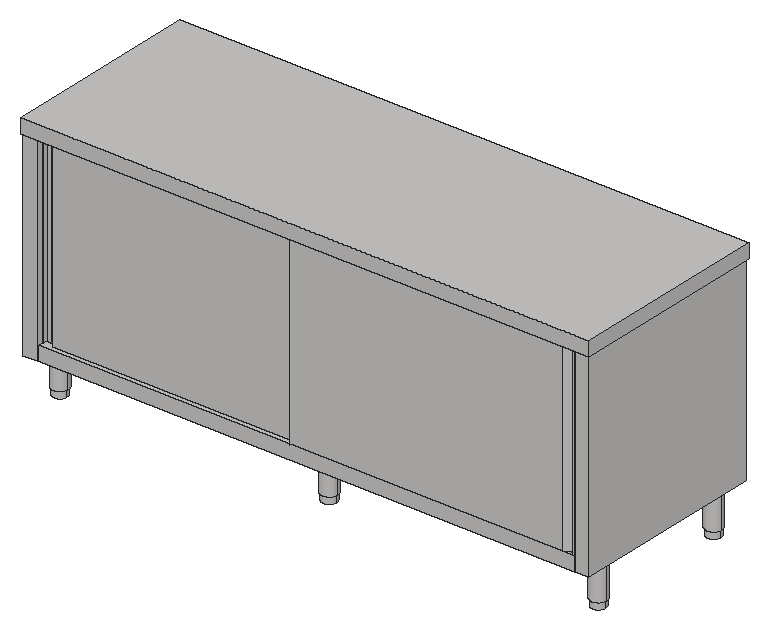
Revit family "QF_ELECTROLUXPROFESSIONAL_132861_MS2007N", category Attrezzature speciali, Revit 2020
Family settings
  Quota connettore circolare = Usa diametro
  Tipo di parte = Normale
  Basato su piano di lavoro = No
  Sempre verticale = Sì
  Taglio con vuoti quando caricato = No
  Condiviso = No
  Punto di calcolo locali = No
Parameters (values of type "Standard")
  Weight = 75.00 kg
  Watts = 0 W
  Volts = 0 V
  URL Manufacturer = "https://www.electroluxprofessional.com/"
  URL = "https://www.electroluxprofessional.com/"
  Steam Supply Size = 0 mm
  Steam Supply Minimum Pressure = 0.0 Pa
  Steam Supply Maximum Pressure = 0.0 Pa
  Steam Consumption per Hour = 0
  Refrigeration Suction Line Size = 0.0 mm
  Refrigeration Liquid Line Size = 0.0 mm
  Refrigerant Compressor Remote = yes
  Prospetto di default = 0.0 mm
  Produttore = "Electrolux Professional"
  Phase = 0
  Modello = "MS2007N"
  Length Actual = 2000.0 mm  # constant formula
  Item Number = "132861"
  Hot Water Size = 0 mm
  Height Actual = 900.0 mm  # constant formula
  HP = "0 HP"
  Gas Size = 0 mm
  Gas KW = 0
  Gas Input Pressure = 0 W
  Direct Waste Size = 0 mm
  Descrizione = "WORKTOP CUPBOARD 2000MM"
  Depth Actual = 700.0 mm  # constant formula
  Cycle = 0 Hz
  Condensate Return Size = 0 mm
  Compressed Air Volume = 0.0 L/s
  Compressed Air Size = 0 mm
  Compressed Air Pressure = 0.0 Pa
  Cold Water Size = 0 mm
  Accessory = yes
Reference planes
  plane 1 "Center (Front/Back)": y = 0
  plane 2: z = 0
  plane 3 "Center (Left/Right)": x = -500
  plane 4 "LEFT": x = -1500
  plane 5 "RIGHT": x = 500
  plane 6 "BACK": y = 350
  plane 7 "FRONT": y = -350
  plane 8 "Base": z = 850
  plane 9 "TOP": z = 900
  plane 10: x = -1446.9
  plane 11: x = 446.9
  plane 12: y = 264.5
  plane 13: y = -241.9
  plane 14 "BodyLeft": x = -1494.5
  plane 15 "BodyFront": y = -344.5
  plane 16 "BodyRight": x = 494.5
  plane 17 "BodyBack": y = 344.5
  plane 18 "FEET": z = 150
  plane 19: x = -445
  plane 20: x = -555
Forms (mm)
  Extrusion 1, solid, material "QF_Finishes_Stainless Steel"
    sketch origin (-500, 0, 0) x (0, 1, 0) y (0, 0, 1)
      loop
        line (-350, 850) -> (350, 850) -> (350, 900) -> (-350, 900) -> (-350, 850)
    from 1000 to -1000
  Extrusion 2, solid, material "QF_Finishes_Stainless Steel"
    sketch origin (0, 0, 150) x (-1, 0, 0) y (0, -1, 0)
      loop
        line (1494.5, -344.5) -> (1494.5, 344.5) -> (1444.5, 344.5) -> (1444.5, -344.5) -> (1494.5, -344.5)
      loop
        line (-444.5, -344.5) -> (-444.5, 344.5) -> (-494.5, 344.5) -> (-494.5, -344.5) -> (-444.5, -344.5)
    from 0 to 700
  Extrusion 3, solid, material "QF_Finishes_Stainless Steel"
    sketch origin (0, 0, 150) x (-1, 0, 0) y (0, -1, 0)
      loop
        line (1443.585, -344.5) -> (1443.585, 344.5) -> (-444.5, 344.5) -> (-444.5, -344.5) -> (1443.585, -344.5)
    from 0 to 50
  Extrusion 4, solid, material "QF_Finishes_Stainless Steel"
    sketch origin (0, 0, 150) x (-1, 0, 0) y (0, -1, 0)
      loop
        line (1443.585, -344.5) -> (1443.585, -294.5) -> (-444.5, -294.5) -> (-444.5, -344.5) -> (1443.585, -344.5)
    from 50 to 700
  Extrusion 5, solid, material "QF_Finishes_Stainless Steel"
    sketch origin (0, 0, 150) x (-1, 0, 0) y (0, -1, 0)
      loop
        line (-444.5, 344.5) -> (-444.5, 324.5) -> (555, 324.5) -> (555, 344.5) -> (-404.5, 344.5) -> (-424.5, 329.5) -> (-439.5, 329.5) -> (-439.5, 344.5) -> (-444.5, 344.5)
    from 50 to 700
  Extrusion 6, solid, material "QF_Finishes_Stainless Steel"
    sketch origin (0, 20, 150) x (1, 0, 0) y (0, 1, 0)
      loop
        line (-1444.5, -344.5) -> (-1439.5, -344.5) -> (-1439.5, -329.5) -> (-1424.5, -329.5) -> (-1404.5, -344.5) -> (-445, -344.5) -> (-445, -324.5) -> (-1444.5, -324.5) -> (-1444.5, -344.5)
    from 50 to 700
Lines and regions (mm)
  symbolic lines
    curve 1: line (500, 350, 900) -> (-1500, 350, 900)
    curve 2: line (-1500, 350, 900) -> (-1500, -350, 900)
    curve 3: line (-1500, -350, 900) -> (500, -350, 900)
    curve 4: line (500, -350, 900) -> (500, 350, 900)
  symbolic lines, style "SpecialityEquipmentHiddenLines"
    curve 5: line (-1494.5, 344.5, 150) -> (494.5, 344.5, 150)
    curve 6: line (-1494.5, -344.5, 150) -> (-1494.5, 344.5, 150)
    curve 7: line (494.5, -344.5, 150) -> (-1494.5, -344.5, 150)
    curve 8: line (494.5, 344.5, 150) -> (494.5, -344.5, 150)
    curve 9: line (-1444.5, -304.5, 150) -> (-445, -304.5, 150)
    curve 10: line (-445, -304.5, 150) -> (-445, -324.5, 150)
    curve 11: line (-1444.5, -324.5, 150) -> (444.5, -324.5, 150)
    curve 12: line (444.5, -324.5, 150) -> (444.5, -344.5, 150)
    curve 13: line (-555, -324.5, 150) -> (-555, -344.5, 150)
    curve 14: line (-1444.5, -304.5, 150) -> (-1444.5, -324.5, 150)
Dimensions and locks
  plane 4 "LEFT" to plane 5 "RIGHT" = 2000.0 mm
  equal spacing: plane 4 "LEFT", plane 3 "Center (Left/Right)", plane 5 "RIGHT"
  locked: plane 8 "Base" to level at 850
  plane 9 "TOP" to level = 900.0 mm
  plane 6 "BACK" to plane 7 "FRONT" = 700.0 mm
  equal spacing: plane 6 "BACK", plane 1 "Center (Front/Back)", plane 7 "FRONT"
  locked: plane 4 "LEFT" to plane 14 "BodyLeft" at 5.5
  locked: plane 16 "BodyRight" to plane 5 "RIGHT" at 5.5
  locked: plane 15 "BodyFront" to plane 7 "FRONT" at 5.5
  locked: plane 6 "BACK" to plane 17 "BodyBack" at 5.5
  locked: plane 14 "BodyLeft" to plane 10 at 47.6
  locked: plane 11 to plane 16 "BodyRight" at 47.6
  locked: plane 13 to plane 15 "BodyFront" at 102.6
  locked: plane 17 "BodyBack" to plane 12 at 80
  plane 10 to plane 11 = 1893.8 mm
  plane 12 to plane 13 = 506.4 mm
  locked: plane 14 "BodyLeft" to Extrusion 2 sketch curve at 50
  locked: Extrusion 2 sketch curve to Extrusion 2 sketch curve at 50
  Extrusion 3 to Extrusion 4 sketch curve = 50.0 mm
  locked: plane 3 "Center (Left/Right)" to plane 19 at 55
  locked: plane 20 to plane 3 "Center (Left/Right)" at 55
  locked: plane 18 "FEET" to level at 150
  aligned and locked: level to plane 2
  aligned and locked: plane 10 to nested 1
  aligned and locked: nested 1 to plane 13
  aligned and locked: plane 11 to nested 2
  aligned and locked: nested 2 to plane 13
  aligned and locked: plane 11 to nested 4
  aligned and locked: nested 4 to plane 12
  aligned and locked: plane 10 to nested 3
  aligned and locked: nested 3 to plane 12
  aligned and locked: Extrusion 1 to plane 4 "LEFT"
  aligned and locked: plane 5 "RIGHT" to Extrusion 1
  aligned and locked: curve 2 to plane 4 "LEFT"
  aligned and locked: plane 17 "BodyBack" to Extrusion 2 sketch curve
  aligned and locked: Extrusion 2 sketch curve to plane 15 "BodyFront"
  aligned and locked: Extrusion 2 sketch curve to plane 14 "BodyLeft"
  aligned and locked: plane 16 "BodyRight" to Extrusion 2 sketch curve
  aligned and locked: Extrusion 2 sketch curve to plane 17 "BodyBack"
  aligned and locked: plane 15 "BodyFront" to Extrusion 2 sketch curve
  aligned and locked: Extrusion 3 sketch curve to plane 17 "BodyBack"
  aligned and locked: plane 15 "BodyFront" to Extrusion 3 sketch curve
  aligned and locked: plane 8 "Base" to Extrusion 2
  aligned and locked: Extrusion 4 sketch curve to Extrusion 3
  aligned and locked: plane 8 "Base" to Extrusion 5
  aligned and locked: Extrusion 5 to Extrusion 3
  aligned and locked: Extrusion 6 sketch curve to plane 19
  aligned and locked: Extrusion 5 sketch curve to plane 20
  aligned and locked: Extrusion 1 to plane 8 "Base"
  aligned and locked: plane 9 "TOP" to Extrusion 1
  aligned and locked: curve 5 to plane 17 "BodyBack"
  aligned and locked: plane 14 "BodyLeft" to curve 6
  aligned and locked: plane 15 "BodyFront" to curve 7
  aligned and locked: plane 16 "BodyRight" to curve 8
  aligned and locked: plane 3 "Center (Left/Right)" to nested 5
  aligned and locked: plane 3 "Center (Left/Right)" to nested 6
Automatic sketch dimensions
  curve 3 to plane 7 "FRONT" = 0.0 mm
  curve 4 to plane 6 "BACK" = 0.0 mm
  Extrusion 1 sketch curve to plane 7 "FRONT" = 0.0 mm
  plane 9 "TOP" to Extrusion 1 sketch curve = 0.0 mm
  Extrusion 1 sketch curve to plane 6 "BACK" = 0.0 mm
  Extrusion 1 sketch curve to plane 8 "Base" = 0.0 mm
  Extrusion 5 sketch curve to plane 15 "BodyFront" = 0.0 mm  (x2)
  Extrusion 5 sketch curve to plane 11 = 2.4 mm
  Extrusion 5 sketch curve to Extrusion 5 sketch curve = 5.0 mm
  Extrusion 5 sketch curve to Extrusion 5 sketch curve = 15.0 mm
  Extrusion 5 sketch curve to Extrusion 5 sketch curve = 20.0 mm
  plane 15 "BodyFront" to Extrusion 5 sketch curve = 15.0 mm
  plane 15 "BodyFront" to Extrusion 5 sketch curve = 20.0 mm
  Extrusion 6 sketch curve to plane 15 "BodyFront" = 20.0 mm  (x2)
  Extrusion 6 sketch curve to plane 10 = 2.4 mm
  Extrusion 6 sketch curve to Extrusion 6 sketch curve = 5.0 mm
  Extrusion 6 sketch curve to Extrusion 6 sketch curve = 15.0 mm
  Extrusion 6 sketch curve to Extrusion 6 sketch curve = 20.0 mm  (x2)
  Extrusion 6 sketch curve to plane 15 "BodyFront" = 35.0 mm
  Extrusion 3 sketch curve to plane 11 = 2.4 mm
  plane 10 to Extrusion 3 sketch curve = 3.315 mm
  Extrusion 4 sketch curve to plane 11 = 2.4 mm
  plane 10 to Extrusion 4 sketch curve = 3.315 mm
  curve 10 to plane 19 = 0.0 mm
  curve 13 to plane 20 = 0.0 mm
  curve 11 to plane 11 = 2.4 mm
  plane 15 "BodyFront" to curve 9 = 40.0 mm
  curve 12 to curve 12 = 20.0 mm
  plane 10 to curve 14 = 2.4 mm
  curve 4 to plane 5 "RIGHT" = 0.0 mm
Nested families
  nested 1: "FEET_D58-150" at (-1446.9, -241.9, 0), type "FEET_D58-150"
  nested 2: "FEET_D58-150" at (446.9, -241.9, 0), type "FEET_D58-150"
  nested 3: "FEET_D58-150" at (-1446.9, 264.5, 0), type "FEET_D58-150"
  nested 4: "FEET_D58-150" at (446.9, 264.5, 0), type "FEET_D58-150"
  nested 5: "FEET_D58-150" at (-500, -241.9, 0), type "FEET_D58-150"
  nested 6: "FEET_D58-150" at (-500, 264.5, 0), type "FEET_D58-150"
Definition of nested family "FEET_D58-150"
  Parameters
    Default Elevation = 0.0 mm
    FEET = 150.0 mm
  Reference planes
    plane 1 "Center (Front/Back)": y = 0
    plane 2: z = 0
    plane 3 "Center (Left/Right)": x = 0
    plane 4: z = 150
  Forms (mm)
    Extrusion 1, solid
      sketch origin (0, 0, 0) x (1, 0, 0) y (0, 1, 0)
        loop
          circle (0, 0) r 25
      from 0 to 25
    Extrusion 2, solid
      sketch origin (0, 0, 0) x (1, 0, 0) y (0, 1, 0)
        loop
          circle (0.061, 0) r 29
      from 25 to 150 <- "FEET"
  Lines and regions (mm)
    symbolic lines
      curve 1: line (0, -1.503, 0) -> (0, 1.508, 0)
      curve 2: line (1.561, 0, 0) -> (-1.439, 0, 0)
  Dimensions and locks
    "FEET": plane 4 to plane 2
    aligned and locked: level to plane 2
  Automatic sketch dimensions
    plane 1 "Center (Front/Back)" to Extrusion 1 sketch curve = 0.0 mm
    Extrusion 1 sketch curve to plane 3 "Center (Left/Right)" = 0.0 mm
    plane 1 "Center (Front/Back)" to curve 2 = 0.0 mm
    curve 1 to plane 3 "Center (Left/Right)" = 0.0 mm
    curve 2 to plane 3 "Center (Left/Right)" = 1.439 mm
    plane 3 "Center (Left/Right)" to curve 2 = 1.561 mm
    plane 1 "Center (Front/Back)" to curve 1 = 1.503 mm
    curve 1 to plane 1 "Center (Front/Back)" = 1.508 mm
    plane 1 "Center (Front/Back)" to Extrusion 2 sketch curve = 0.0 mm
    plane 3 "Center (Left/Right)" to Extrusion 2 sketch curve = 0.061 mm
    radius of Extrusion 1 sketch curve = 25.0 mm
    radius of Extrusion 2 sketch curve = 29.0 mm
